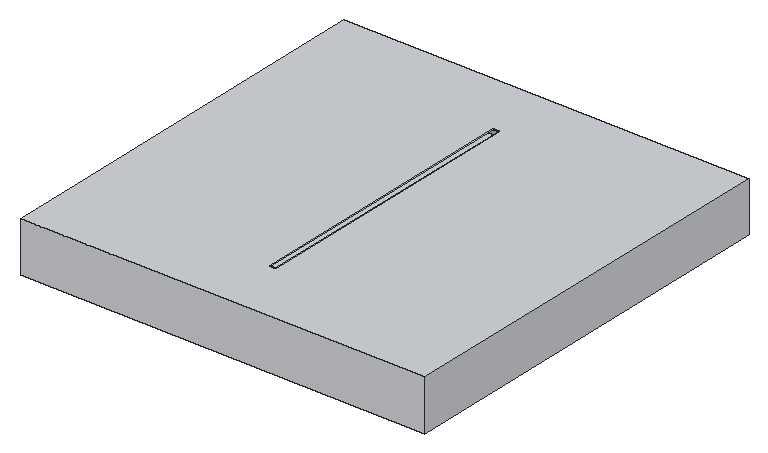
Revit family "LAMP_FIL 35 1680MM OPAL COMFORT TRIMLESS", category Luminarias, Revit 2018
Family settings
  Anfitrión = Cara
  Cota de conector redondo = Diámetro de uso
  Tipo de pieza = Normal
  Corte con vacíos al cargar = No
  Origen de luz = Sí
  Compartido = No
  Punto de cálculo de habitación = No
Parameters (values of type "1601LM 3000K  WHITE")
  Ángulo de inclinación = -90.00°
  Weight = 4.00 kg
  Wattage = 17.1 W
  Type = "MID POWER TRIDONIC"
  built-in parameter 1150107 = 3000 (stored number, unit not read)
  Recessed dimensions = "1687x52x0"
  built-in parameter 1150110 = 1 (stored number, unit not read)
  built-in parameter 1150109 = 1 (stored number, unit not read)
  built-in parameter 1150112 = 1 (stored number, unit not read)
  built-in parameter 1150113 = 1 (stored number, unit not read)
  built-in parameter 1114218 = 1 (stored number, unit not read)
  Protection rating = "IP20 / IK07"
  Product datasheet = "http://www.lamp.es/product-files/TECH/F31TR168LOOC830NW-EN.pdf"
  Product code = "F31TR168LOOC830NW"
  Product URL = "https://www.lamp.es/en/family/fil-35_413911"
  Power Supply = "220-240V 50/60Hz"
  Power = 16 W
  Plum = 17.1 W
  Photobiological risk = ""
  NOT COVER 2 [instance] = not(END COVER 2)  # no
  NOT COVER 1 [instance] = not(END COVER 1)  # no
  built-in parameter 1150137 = (empty or 0)
  built-in parameter 1150132 = 2
  Modelo = Product code  # "F31TR168LOOC830NW"
  Model Explanation = ""
  Material suspension = LAMP_Acero genérico
  Material perfil = LAMP_Aluminio Perfil Fil BL
  Material difusor = LAMP_PC Difusor Opal Fil
  Manufacturer name = "LAMP"
  Manufacturer country = "Spain"
  Manufacturer URL = "http://www.lamp.es/en"
  MacAdam = "3"
  Longitud de línea de emisión = 1680 mm
  Last update = "07/05/2021"
  Lamp = "MID-POWER LED"
  LED Lifetime = "50.000 L90 B10"
  built-in parameter 1150105 = 632.47 (stored number, unit not read)
  built-in parameter 1150102 = (empty or 0)
  Insulation class = "I"
  Installation instructions = "https://www.lamp.es/product-files/INS/1004590-A%20INSTR.%20FIL35.pdf"
  built-in parameter 1150106 = 6.3247 (stored number, unit not read)
  IEE = "A+"
  Gear = "Electronic"
  Lumens = 1600.56 lm
  Finish = "Matte white RAL 9010"
  Color Filter = 16777215
  built-in parameter 1114217 = 1 (stored number, unit not read)
  built-in parameter 1150139 = (empty or 0)
  Fabricante = Manufacturer name  # "LAMP"
  Default Elevation = 1219.2 mm
  built-in parameter 1150104 = 8.6957 (stored number, unit not read)
  Efficacy = 93.6 lm/W
  END COVER 2 [instance] = yes
  END COVER 1 [instance] = yes
  Dimensions = "1680x51x76"
  Descripción = "FIL35 TRIM 1680 2400 WW OP COMF WH."
  built-in parameter 1150115 = 1 (stored number, unit not read)
  built-in parameter 1150114 = 1 (stored number, unit not read)
  built-in parameter 1150138 = (empty or 0)
  built-in parameter 1150134 = 3
  Dimming Lamp Color Temperature Shift = (empty or 0)
  CRI = "80"
  Archivo de red fotométrica = "F31TR168LOOC830NW.IES"
  built-in parameter 1150133 = 10 (stored number, unit not read)
Types (4, lengths in mm): name | built-in parameter 1150107 | Product datasheet | Product code | Modelo | built-in parameter 1150105 | built-in parameter 1150106 | Lumens | built-in parameter 1150104 | Efficacy | Descripción | Archivo de red fotométrica
  1601LM 3000K DALI WHITE | 3000 (stored number, unit not read) | "http://www.lamp.es/product-files/TECH/F31TR168LOOC830DW-EN.pdf" | "F31TR168LOOC830DW" | "F31TR168LOOC830DW" | 632.47 (stored number, unit not read) | 6.3247 (stored number, unit not read) | 1600.56 lm | 8.6957 (stored number, unit not read) | 93.6 lm/W | "FIL35 TRIM 1680 2400 WW OP COMF DALI WH." | "F31TR168LOOC830nW.IES"
  1601LM 3000K  WHITE | 3000 (stored number, unit not read) | "http://www.lamp.es/product-files/TECH/F31TR168LOOC830NW-EN.pdf" | "F31TR168LOOC830NW" | "F31TR168LOOC830NW" | 632.47 (stored number, unit not read) | 6.3247 (stored number, unit not read) | 1600.56 lm | 8.6957 (stored number, unit not read) | 93.6 lm/W | "FIL35 TRIM 1680 2400 WW OP COMF WH." | "F31TR168LOOC830NW.IES"
  1668LM 4000K DALI WHITE | 4000 (stored number, unit not read) | "http://www.lamp.es/product-files/TECH/F31TR168LOOC840DW-EN.pdf" | "F31TR168LOOC840DW" | "F31TR168LOOC840DW" | 658.82 (stored number, unit not read) | 6.5882 (stored number, unit not read) | 1667.25 lm | 9.058 (stored number, unit not read) | 97.5 lm/W | "FIL35 TRIM 1680 2400 NW OP COMF DALI WH." | "F31TR168LOOC840nW.IES"
  1668LM 4000K  WHITE | 4000 (stored number, unit not read) | "http://www.lamp.es/product-files/TECH/F31TR168LOOC840NW-EN.pdf" | "F31TR168LOOC840NW" | "F31TR168LOOC840NW" | 658.82 (stored number, unit not read) | 6.5882 (stored number, unit not read) | 1667.25 lm | 9.058 (stored number, unit not read) | 97.5 lm/W | "FIL35 TRIM 1680 2400 NW OP COMF WH." | "F31TR168LOOC840NW.IES"
Reference planes
  plane 1 "Centro (Frontal/Posterior)": y = 0
  plane 2: z = 0
  plane 3 "Centro (Izquierda/Derecha)": x = 0
Forms (mm)
  Extrusion 1, solid
    sketch origin (0, 0, 0) x (1, 0, 0) y (0, 1, 0)
      loop
        line (-1219.2, 1219.2) -> (-1219.2, -1219.2) -> (1219.2, -1219.2) -> (1219.2, 1219.2) -> (-1219.2, 1219.2)
    from 0 to -304.8
  Extrusion 2, solid, material "LAMP_Aluminio Perfil Fil BL" <- "Material perfil"
    sketch origin (0, 0, -281.8) x (1, 0, 0) y (0, 0, 1)
      loop
        line (-17.5, 205.82) -> (0, 205.82) -> (17.5, 205.82) -> (17.5, 270.3) -> (25.5, 270.3) -> (25.5, 271.8) -> (17.5, 271.8) -> (17.5, 280.8) -> (16.5, 281.8) -> (16.5, 259) -> (0, 259) -> (-16.5, 259) -> (-16.5, 281.8) -> (-17.5, 280.8) -> (-17.5, 271.8) -> (-25.5, 271.8) -> (-25.5, 270.3) -> (-17.5, 270.3) -> (-17.5, 205.82)
    from -840 to 840
  Extrusion 3, solid, material "LAMP_PC Difusor Opal Fil" <- "Material difusor"
    sketch origin (0, 0, -283) x (1, 0, 0) y (0, 0, 1)
      loop
        line (-16.5, 283) -> (-16.5, 281.8) -> (16.5, 281.8) -> (16.5, 283) -> (-16.5, 283)
    from -840 to 840
Text (mm)
  text "Any modification of the parameters and properties of the LAMP BIM models must be executed and validated by the LAMP technical department.\nPhone: +34 93 736 68 00\nE-mail: lamp@lamp.es\n\nLAMP reserves the right to modify the technical specifications of its products." at (3132.481, 5298.258, -2877.568), in view "Preview"
Dimensions and locks
  aligned and locked: plane 2 to Extrusion 1
  aligned and locked: level to Extrusion 1
Nested families
  nested 1: "LAMP_FIL 35 END COVER TRIMLESS" at (0, -841, -76), visible <- "END COVER 1", type "Blanco"
  nested 2: "LAMP_FIL 35 END COVER TRIMLESS" at (0, 841, -76), visible <- "END COVER 2", type "Blanco"
Connectors
  electrical at (0, 0, -75.3)
    settings: on Extrusion 2, index 1, voltage 230 V, apparent load 0 VA, apparent load phase1 0 VA, apparent load phase2 0 VA, apparent load phase3 0 VA, power factor 1, load classification "Otro", number of poles 1, system type 31, power factor state 1, is connector primary yes, connector utility no, sub classification motor no, connector description ""
Definition of nested family "LAMP_FIL 35 END COVER TRIMLESS"
  Parameters (values of type "Blanco")
    Material tapa = none
  Reference planes
    plane 1 "Centro (Frontal/Posterior)": y = 0
    plane 2: z = 0
    plane 3 "Centro (Izquierda/Derecha)": x = 0
  Forms (mm)
    Extrusion 1, solid, material <- "Material tapa"
      sketch origin (0, 0, 0) x (0, -1, 0) y (0, 0, 1)
        loop
          line (0, 0) -> (1, 0) -> (1, 76) -> (-1, 76) -> (-1, 0) -> (0, 0)
      from -17.5 to 17.5
    Extrusion 2, void
      sketch origin (-1, 0, 65.55) x (1, 0, 0) y (0, 0, 1)
        loop
          line (18.5, 0) -> (18.5, 10.45) -> (17.5, 10.45) -> (17.5, 0) -> (18.5, 0)
      from -23.5 to 23.5
    Extrusion 3, void
      sketch origin (1, 0, 65.55) x (-1, 0, 0) y (0, 0, -1)
        loop
          line (18.5, 0) -> (17.5, 0) -> (17.5, -10.45) -> (18.5, -10.45) -> (18.5, 0)
      from -23.5 to 23.5
  Cuts and joins
    Extrusion 2, Extrusion 3 cuts Extrusion 1
  Dimensions and locks
    aligned and locked: level to plane 2
